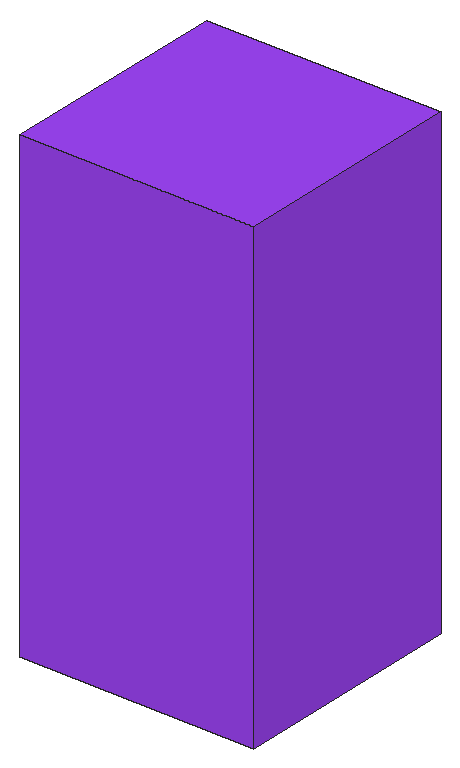
Revit family "Equipment Solid", category Generic Models, Revit 2019
Family settings
  Can host rebar = No
  Round Connector Dimension = Use Diameter
  Part Type = Normal
  Work Plane-Based = No
  Always vertical = Yes
  Cut with Voids When Loaded = No
  Shared = No
  Room Calculation Point = No
Parameters
  Mass Material [instance] = Default
  Equipment Width [instance] = 250 cm
  Equipment Height [instance] = 500 cm
  Equipment Depth [instance] = 250 cm
Reference planes (cm)
  plane 1 "Center (Front/Back)": y = 0
  plane 2: z = 0
  plane 3 "Center (Left/Right)": x = 0
Forms (cm)
  Extrusion 1, solid, material "Default New Material"
    sketch origin (0, 0, 0) x (1, 0, 0) y (0, 1, 0)
      loop
        line (-125, 125) -> (-125, -125) -> (125, -125) -> (125, 125) -> (-125, 125)
    from 0 to 500 <- "Equipment Height"
Dimensions and locks (cm)
  "Equipment Width": Extrusion 1 sketch curve to Extrusion 1 sketch curve
  "Equipment Depth": Extrusion 1 sketch curve to Extrusion 1 sketch curve
  aligned and locked: level to plane 2
Automatic sketch dimensions
  Extrusion 1 sketch curve to plane 3 "Center (Left/Right)" = 125 cm
  plane 1 "Center (Front/Back)" to Extrusion 1 sketch curve = 125 cm
